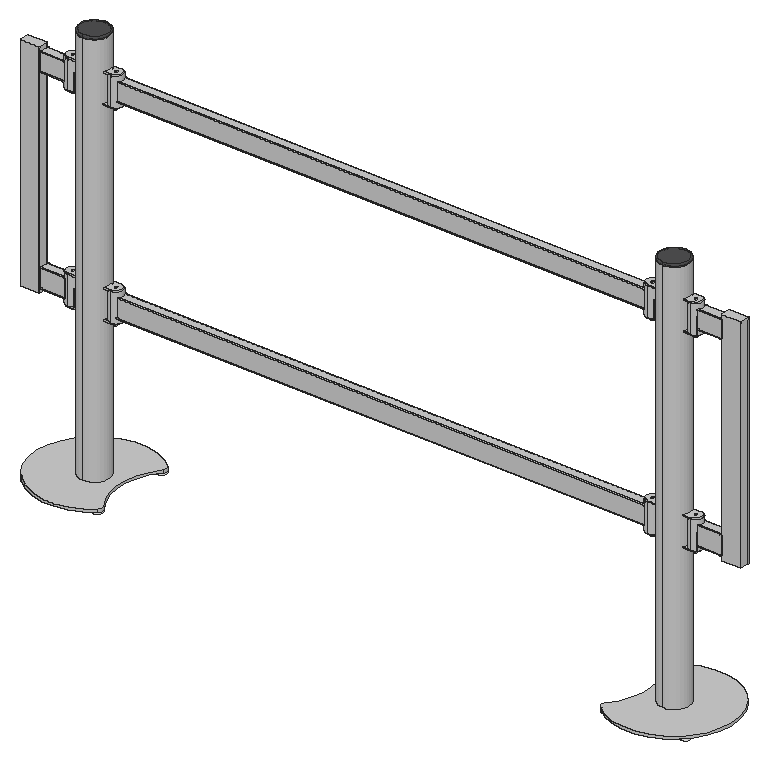
Revit family "PQR-541", category Furniture, Revit 2021
Family settings
  OmniClass Number = 23.40.20.00
  OmniClass Title = General Furniture and Specialties
  Work Plane-Based = No
  Always vertical = Yes
  Cut with Voids When Loaded = No
  Shared = No
  Room Calculation Point = No
Parameters
  W = 5' - 0"
  Frame [instance] = CEN_Frame_Metallic Silver Powdercoat (MS)
  Model = "PQR-541"
  End pieces on/off R [instance] = yes
  End pieces on/off L [instance] = yes
  Default Elevation = 0' - 0"
Reference planes (in)
  plane 1 "Center Front/Back": y = 0
  plane 2: z = 0
  plane 3 "Center Left/Right": x = 0
  plane 4: x = -30
  plane 5: x = 30
  plane 6: x = -23.5
  plane 7: x = 23.5
  plane 8: x = 27.5
Forms (in)
  Extrusion 1, solid, material "CEN_Frame_Metallic Silver Powdercoat (MS)" <- "Frame"
    sketch origin (-35.29168, 0.50272, 36.0271) x (0, -1, 0) y (0, 0, 1)
      loop
        line (1, 0) -> (1, 1.78554)
        arc (1, 1.78554) -> (0.98091, 1.83163) -> (0.93482, 1.85072) r 0.06518
        line (0.93482, 1.85072) -> (0.06518, 1.85072)
        arc (0.06518, 1.85072) -> (0.01909, 1.83163) -> (0, 1.78554) r 0.06518
        line (0, 1.78554) -> (0, 0)
        arc (0, 0) -> (0.01909, -0.04609) -> (0.06518, -0.06518) r 0.06518
        line (0.06518, -0.06518) -> (0.93482, -0.06518)
        arc (0.93482, -0.06518) -> (0.98091, -0.04609) -> (1, 0) r 0.06518
      loop
        line (1, -20.08373) -> (1, -18.21446)
        arc (1, -18.21446) -> (0.98091, -18.16837) -> (0.93482, -18.14928) r 0.06518
        line (0.93482, -18.14928) -> (0.06518, -18.14928)
        arc (0.06518, -18.14928) -> (0.01909, -18.16837) -> (0, -18.21446) r 0.06518
        line (0, -18.21446) -> (0, -20.08373)
        arc (0, -20.08373) -> (0.01909, -20.12982) -> (0.06518, -20.14891) r 0.06518
        line (0.06518, -20.14891) -> (0.93482, -20.14891)
        arc (0.93482, -20.14891) -> (0.98091, -20.12982) -> (1, -20.08373) r 0.06518
    from -7.93603 to -62.79168
Dimensions and locks (in)
  equal spacing: plane 4, plane 3 "Center Left/Right", plane 5
  "W": plane 4 to plane 5
  locked: plane 7 to plane 5 at 6.5
  locked: plane 6 to plane 4 at 6.5
  locked: plane 8 to plane 5 at 2.5
  aligned and locked: level to plane 2
  aligned and locked: plane 4 to nested 1
  aligned and locked: nested 2 to plane 5
  aligned and locked: plane 8 to Extrusion 1
Automatic sketch dimensions
  Extrusion 1 sketch curve to nested 1 = 0' - 0.06518"  (x3)
  Extrusion 1 sketch curve to Extrusion 1 sketch curve = 0' - 0.06518"
  radius of Extrusion 1 sketch curve to nested 1 = 0' - 0"  (x4)
Nested families (in)
  nested 1: "PQR-341-post " at (-30, 0, 0) x (0, 1, 0) z (0, 0, 1), END KIT <- "End pieces on/off L", type "PQR-341-post "
  nested 2: "PQR-341-post " at (30, 0, 0) x (0, 1, 0) z (0, 0, 1), END KIT <- "End pieces on/off R", type "PQR-341-post "
Definition of nested family "PQR-341-post "
  Parameters (values of type "PQR-341-post ")
    plastic button = none
    Post = none
    END KIT [instance] = no
    Default Elevation = 0' - 0"
  Types (2): name
    PQR-341-post
    NOT END KIT
  Reference planes (in)
    plane 1 "Center Front/Back": y = 0
    plane 2: z = 0
    plane 3 "Center Left/Right": x = 0
    plane 4: z = 41.62154
    plane 5: z = 41.43404
    plane 6: z = 38.43918
    plane 7: z = 35.46343
    plane 8: z = 38.31958
    plane 9: z = 35.34626
    plane 10: z = 35.0779
    plane 11: z = 34.93741
    plane 12: z = 18.43657
    plane 13: z = 18.31697
    plane 14: z = 38.28685
    plane 15: z = 15.46357
    plane 16: z = 37.79482
    plane 17: z = 17.87782
    plane 18: z = 15.87818
  Forms (in)
    Extrusion 1, solid, material <- "Post"
      sketch origin (-0.02853, -0.08679, 0) x (1, 0, 0) y (0, 1, 0)
        loop
          arc (-3.79412, 4.14027) -> (-4.14981, 4.24664) -> (-4.48079, 4.07846) r 0.5
          arc (-4.48079, 4.07846) -> (0.03357, -5.88186) -> (4.53637, 4.0837) r 6.00161
          arc (4.53637, 4.0837) -> (4.20519, 4.25149) -> (3.84963, 4.14471) r 0.5
          arc (3.84963, 4.14471) -> (0.02853, 2.80874) -> (-3.79412, 4.14027) r 6.14269
      from 0.18657 to 0.43657
    Extrusion 2, solid, material <- "plastic button"
      sketch origin (0, 0, 0) x (1, 0, 0) y (0, 1, 0)
        loop
          circle (0, 0) r 1.5
      from 41.43404 to 41.62154
    Extrusion 3, solid, material <- "Post", visible <- "END KIT"
      sketch origin (0, 0, 0) x (1, 0, 0) y (0, 1, 0)
        loop
          circle (0.00169, -2.23449) r 0.6875
      from 35.46343 to 38.31958
    Extrusion 4, solid, material <- "Post"
      sketch origin (0, 0, 0) x (1, 0, 0) y (0, 1, 0)
        loop
          circle (0.00169, 2.23449) r 0.11265
        loop
          circle (0.00169, -2.23449) r 0.11265
        loop
          line (0.61497, -2.23449) -> (0.61497, 2.23449)
          arc (0.61497, 2.23449) -> (0.00169, 2.84777) -> (-0.61159, 2.23449) r 0.61328
          line (-0.61159, 2.23449) -> (-0.61159, -2.23449)
          arc (-0.61159, -2.23449) -> (0.00169, -2.84777) -> (0.61497, -2.23449) r 0.61328
      from 38.31958 to 38.43918
    Extrusion 5, solid, material <- "Post"
      sketch origin (0, 0, 0) x (1, 0, 0) y (0, 1, 0)
        loop
          circle (0.00169, 2.23449) r 0.11265
        loop
          circle (0.00169, -2.23449) r 0.11265
        loop
          line (0.61497, -2.23449) -> (0.61497, 2.23449)
          arc (0.61497, 2.23449) -> (0.00169, 2.84777) -> (-0.61159, 2.23449) r 0.61328
          line (-0.61159, 2.23449) -> (-0.61159, -2.23449)
          arc (-0.61159, -2.23449) -> (0.00169, -2.84777) -> (0.61497, -2.23449) r 0.61328
      from 35.34626 to 35.46343
    Extrusion 6, solid, material <- "Post"
      sketch origin (0, 0, 0) x (1, 0, 0) y (0, 1, 0)
        loop
          line (0.06349, 1.95369) -> (0.27562, 2.14947) -> (0.21213, 2.43108) -> (-0.06349, 2.5169) -> (-0.27562, 2.32111) -> (-0.21213, 2.0395) -> (0.06349, 1.95369)
        loop
          circle (0.00169, 2.23449) r 0.11265
      from 35.0779 to 35.34626
    Extrusion 7, solid, material <- "Post", visible <- "END KIT"
      sketch origin (0, 0, 0) x (1, 0, 0) y (0, 1, 0)
        loop
          circle (0.00169, -2.23449) r 0.11265
      from 34.93741 to 38.43918
    Sweep 8, void
      path in 3D
        loop
          arc (1.5, 0, 41.62154) -> (0, -1.5, 41.62154) -> (-1.5, 0, 41.62154) r 1.5
          arc (-1.5, 0, 41.62154) -> (0, 1.5, 41.62154) -> (1.5, 0, 41.62154) r 1.5
      profile origin (0, 1.5, 41.62154) x (0, 1, 0) y (0, 0, 1)
        loop
          line (0, -0.12486) -> (0.05983, -0.12486) -> (0.05983, 0) -> (-0.12486, 0)
          arc (-0.12486, 0) -> (-0.03657, -0.03657) -> (0, -0.12486) r 0.12486
    Extrusion 9, solid, material <- "Post"
      sketch origin (0, 0, 0) x (1, 0, 0) y (0, 1, 0)
        loop
          circle (0.00169, 2.23449) r 0.11265
      from 34.93741 to 38.43918
    Extrusion 10, solid, material <- "Post"
      sketch origin (0, 0, -20) x (1, 0, 0) y (0, 1, 0)
        loop
          circle (0.00169, 2.23449) r 0.11265
        loop
          circle (0.00169, -2.23449) r 0.11265
        loop
          line (0.61497, -2.23449) -> (0.61497, 2.23449)
          arc (0.61497, 2.23449) -> (0.00169, 2.84777) -> (-0.61159, 2.23449) r 0.61328
          line (-0.61159, 2.23449) -> (-0.61159, -2.23449)
          arc (-0.61159, -2.23449) -> (0.00169, -2.84777) -> (0.61497, -2.23449) r 0.61328
      from 38.31697 to 38.43657
    Extrusion 11, solid, material <- "Post"
      sketch origin (0, 0, -20) x (1, 0, 0) y (0, 1, 0)
        loop
          circle (0.00169, 2.23449) r 0.11265
        loop
          circle (0.00169, -2.23449) r 0.11265
        loop
          line (0.61497, -2.23449) -> (0.61497, 2.23449)
          arc (0.61497, 2.23449) -> (0.00169, 2.84777) -> (-0.61159, 2.23449) r 0.61328
          line (-0.61159, 2.23449) -> (-0.61159, -2.23449)
          arc (-0.61159, -2.23449) -> (0.00169, -2.84777) -> (0.61497, -2.23449) r 0.61328
      from 35.34365 to 35.46082
    Extrusion 12, solid, material <- "Post", visible <- "END KIT"
      sketch origin (0, 0, -20) x (1, 0, 0) y (0, 1, 0)
        loop
          circle (0.00169, -2.23449) r 0.11265
      from 34.9348 to 38.43657
    Extrusion 13, solid, material <- "Post"
      sketch origin (0, 0, -20) x (1, 0, 0) y (0, 1, 0)
        loop
          circle (0.00169, 2.23449) r 0.11265
      from 34.9348 to 38.43657
    Extrusion 14, solid
      sketch origin (-0.02853, -0.08679, 0) x (1, 0, 0) y (0, 1, 0)
        loop
          circle (-4.10805, 3.76384) r 0.48854
        loop
          circle (4.16511, 3.76384) r 0.48854
        loop
          circle (-3.62282, -3.98401) r 0.48854
        loop
          circle (3.67988, -3.98401) r 0.48854
      from 0 to 0.18657
    Extrusion 15, solid, material <- "Post"
      sketch origin (0, 0, 0) x (1, 0, 0) y (0, 1, 0)
        loop
          circle (0, 0) r 1.5
      from 0.43657 to 41.43404
    Extrusion 16, solid, material <- "Post", visible <- "END KIT"
      sketch origin (0, 0, 0) x (1, 0, 0) y (0, 1, 0)
        loop
          line (0.44955, -5.29168) -> (-0.44411, -5.29168)
          arc (-0.44411, -5.29168) -> (-0.4817, -5.30725) -> (-0.49728, -5.34485) r 0.05317
          line (-0.49728, -5.34485) -> (-0.49728, -7.23851)
          arc (-0.49728, -7.23851) -> (-0.4817, -7.27611) -> (-0.44411, -7.29168) r 0.05317
          line (-0.44411, -7.29168) -> (0.44955, -7.29168)
          arc (0.44955, -7.29168) -> (0.48715, -7.27611) -> (0.50272, -7.23851) r 0.05317
          line (0.50272, -7.23851) -> (0.50272, -5.34485)
          arc (0.50272, -5.34485) -> (0.48715, -5.30725) -> (0.44955, -5.29168) r 0.05317
      from 15.46357 to 38.28685
    Extrusion 17, solid, material <- "Post", visible <- "END KIT"
      sketch origin (0, 0, 0) x (1, 0, 0) y (0, 0, 1)
        loop
          line (-0.43209, 35.96191) -> (0.43754, 35.96191)
          arc (0.43754, 35.96191) -> (0.48363, 35.981) -> (0.50272, 36.0271) r 0.06518
          line (0.50272, 36.0271) -> (0.50272, 37.81264)
          arc (0.50272, 37.81264) -> (0.48363, 37.85873) -> (0.43754, 37.87782) r 0.06518
          line (0.43754, 37.87782) -> (-0.43209, 37.87782)
          arc (-0.43209, 37.87782) -> (-0.47818, 37.85873) -> (-0.49728, 37.81264) r 0.06518
          line (-0.49728, 37.81264) -> (-0.49728, 36.0271)
          arc (-0.49728, 36.0271) -> (-0.47818, 35.981) -> (-0.43209, 35.96191) r 0.06518
        loop
          line (-0.43209, 15.87818) -> (0.43754, 15.87818)
          arc (0.43754, 15.87818) -> (0.48363, 15.89727) -> (0.50272, 15.94336) r 0.06518
          line (0.50272, 15.94336) -> (0.50272, 17.81264)
          arc (0.50272, 17.81264) -> (0.48363, 17.85873) -> (0.43754, 17.87782) r 0.06518
          line (0.43754, 17.87782) -> (-0.43209, 17.87782)
          arc (-0.43209, 17.87782) -> (-0.47818, 17.85873) -> (-0.49728, 17.81264) r 0.06518
          line (-0.49728, 17.81264) -> (-0.49728, 15.94336)
          arc (-0.49728, 15.94336) -> (-0.47818, 15.89727) -> (-0.43209, 15.87818) r 0.06518
      from 2.63684 to 5.29168
    Extrusion 18, solid, material <- "Post"
      sketch origin (0, 0, 0) x (1, 0, 0) y (0, 1, 0)
        loop
          circle (0.00169, 2.23449) r 0.6875
      from 35.46343 to 38.31958
    Extrusion 19, solid, material <- "Post"
      sketch origin (0, 0, -20) x (1, 0, 0) y (0, 1, 0)
        loop
          circle (0.00169, 2.23449) r 0.6875
      from 35.46082 to 38.31697
    Extrusion 20, solid, material <- "Post", visible <- "END KIT"
      sketch origin (0, 0, -20) x (1, 0, 0) y (0, 1, 0)
        loop
          circle (0.00169, -2.23449) r 0.6875
      from 35.46082 to 38.31697
    Extrusion 21, solid, material <- "Post", visible <- "END KIT"
      sketch origin (0, 0, 0) x (1, 0, 0) y (0, 1, 0)
        loop
          line (0.06349, -1.95369) -> (-0.21213, -2.0395) -> (-0.27562, -2.32111) -> (-0.06349, -2.5169) -> (0.21213, -2.43108) -> (0.27562, -2.14947) -> (0.06349, -1.95369)
        loop
          circle (0.00169, -2.23449) r 0.11265
      from 35.0779 to 35.34626
    Extrusion 22, solid, material <- "Post"
      sketch origin (0, 0, -20.00261) x (1, 0, 0) y (0, 1, 0)
        loop
          line (0.06349, 1.95369) -> (0.27562, 2.14947) -> (0.21213, 2.43108) -> (-0.06349, 2.5169) -> (-0.27562, 2.32111) -> (-0.21213, 2.0395) -> (0.06349, 1.95369)
        loop
          circle (0.00169, 2.23449) r 0.11265
      from 35.0779 to 35.34626
    Extrusion 23, solid, material <- "Post", visible <- "END KIT"
      sketch origin (0, 0, -20.00261) x (1, 0, 0) y (0, 1, 0)
        loop
          line (0.06349, -1.95369) -> (-0.21213, -2.0395) -> (-0.27562, -2.32111) -> (-0.06349, -2.5169) -> (0.21213, -2.43108) -> (0.27562, -2.14947) -> (0.06349, -1.95369)
        loop
          circle (0.00169, -2.23449) r 0.11265
      from 35.0779 to 35.34626
  Cuts and joins
    Sweep 8 cuts Extrusion 2
    joined: Extrusion 3, Extrusion 17
  Lines and regions (in)
    sketch lines
      curve 1: arc (-1.5, 0, 41.62154) -> (0, 1.5, 41.62154) -> (1.5, 0, 41.62154) r 1.5
      curve 2: arc (1.5, 0, 41.62154) -> (0, -1.5, 41.62154) -> (-1.5, 0, 41.62154) r 1.5
  Dimensions and locks (in)
    plane 4 to level = 3' - 5.62154"
    locked: plane 4 to plane 5 at 0.1875
    plane 11 to plane 10 to plane 9 to plane 7 to plane 8 to plane 6 = 0' - 0.14049" locked, 0' - 0.26836" locked, 0' - 0 15/128" locked, 0' - 2.85615" locked, 0' - 0.1196" locked
    locked: plane 7 to plane 4 at 6.15811
    locked: plane 14 to plane 15 at 22.82328
    locked: plane 14 to plane 6 at 0.15234
    aligned and locked: level to plane 2
    aligned and locked: plane 4 to Extrusion 2
    aligned and locked: Extrusion 14 to level
    aligned and locked: plane 5 to cut or joined group of Extrusion 2, Sweep 8
    aligned and locked: Extrusion 15 to plane 5
    aligned and locked: plane 5 to Extrusion 15
    aligned and locked: plane 6 to Extrusion 4
    aligned and locked: plane 7 to Extrusion 3  (x2)
    aligned and locked: plane 8 to Extrusion 3
    aligned and locked: plane 11 to Extrusion 7  (x2)
    aligned and locked: plane 11 to Extrusion 9
    aligned and locked: plane 10 to Extrusion 6
    aligned and locked: Extrusion 6 to plane 10
    aligned and locked: plane 9 to Extrusion 5
    aligned and locked: Extrusion 6 to plane 9
    aligned and locked: Extrusion 5 to plane 9  (x2)
    aligned and locked: Extrusion 5 to plane 7
    aligned and locked: plane 7 to Extrusion 5
    aligned and locked: plane 8 to Extrusion 4
    aligned and locked: Extrusion 4 to Extrusion 9
    aligned and locked: Extrusion 7 to plane 6
    aligned and locked: plane 12 to Extrusion 10
    aligned and locked: plane 14 to Extrusion 16
    aligned and locked: plane 15 to Extrusion 16
